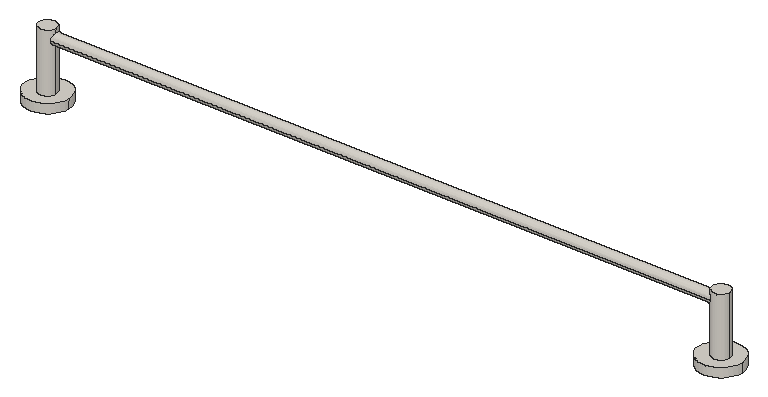
Revit family "ALMA-Farina_800_Single_Towel_Rail", category Specialty Equipment, host Face, Revit 2026
Family settings
  Host = Face
  Round Connector Dimension = Use Diameter
  Part Type = Normal
  Enable Cutting in Views = Yes
  Cut with Voids When Loaded = No
  Maintain Annotation Orientation = No
  Shared = No
  Room Calculation Point = No
Parameters (values of type "BRUSHED NICKEL")
  Material = BM_NICKEL
  Default Elevation = 1219.2 mm
Types (6, lengths in mm): name | Material
  (no name) | BM_NICKEL
  MATTE BLACK | BM_MATTE BLACK
  BRUSHED NICKEL | BM_NICKEL
  BRUSHED GUNMETAL | BM_GUNMETAL
  BRUSHED BRASS GOLD | BM_BRASS GOLD
  BRUSHED ANTIQUE BRASS | BM_ANTIQUE BRASS
Reference planes
  plane 1 "Center (Front/Back)": y = 0
  plane 2: z = 0
  plane 3 "Center (Left/Right)": x = 0
Forms (mm)
  Revolve 1, solid, material "BM_NICKEL" <- "Material"
    sketch origin (-276, 0, 65) x (1, 0, 0) y (0, 1, 0)
      loop
        line (-93.75, 0) -> (-93.75, -6) -> (647.861, -6) -> (647.861, 0) -> (-93.75, 0)
      axis (-93.75, 0) -> (647.861, 0)
    angle from 0 to 360
  Extrusion 2, solid, material "BM_NICKEL" <- "Material"
    sketch origin (376.25, 0, 10) x (1, 0, 0) y (0, 1, 0)
      loop
        circle (0, 0) r 9.5
    from 0 to 65
  Extrusion 3, solid, material "BM_NICKEL" <- "Material"
    sketch origin (376, 0, 0) x (1, 0, 0) y (0, 1, 0)
      loop
        circle (0, 0) r 24
    from 0 to 10
  Extrusion 4, solid, material "BM_NICKEL" <- "Material"
    sketch origin (-376.25, 0, 10) x (1, 0, 0) y (0, 1, 0)
      loop
        circle (0, 0) r 9.5
    from 0 to 65
  Extrusion 5, solid, material "BM_NICKEL" <- "Material"
    sketch origin (-376, 0, 0) x (1, 0, 0) y (0, 1, 0)
      loop
        circle (0, 0) r 24
    from 0 to 10
Cuts and joins
  joined: Revolve 1, Extrusion 2, Extrusion 4
Text (mm)
  text "Refer to www.buildmat.com.au for the most current product literature. \nAllow a +/- 5mm tolerance for dimensions shown in the product literature. \nPlease note product details are subject to change due to ongoing product development." at (-1.255, -1288.045, 0), in view "Ref. Level"
Dimensions and locks
  aligned and locked: plane 2 to host face
  aligned and locked: level to host face
